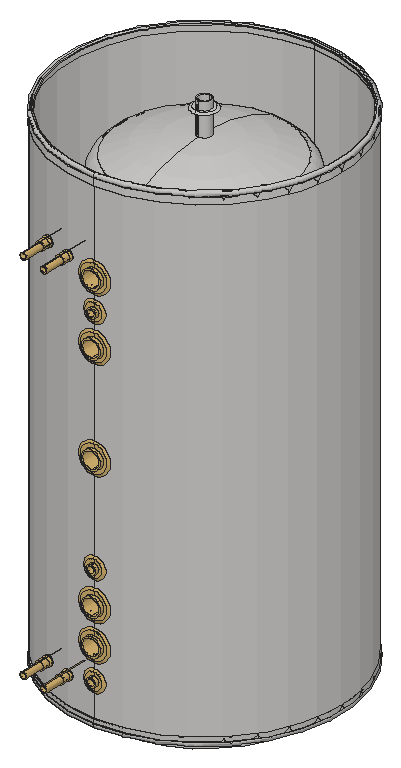
Revit family "HVAC_Boilers_Enertech_CTC-Accumulator-Tank_1-750-50", category Specialty Equipment, Revit 2018
Family settings
  Round Connector Dimension = Use Diameter
  Part Type = Normal
  OmniClass Number = 23.75.00.00
  OmniClass Title = Climate Control (HVAC)
  Work Plane-Based = No
  Always vertical = No
  Cut with Voids When Loaded = No
  Shared = No
  Room Calculation Point = No
Parameters (values of type "CTC Ackumulatortank 1 750/50")
  Weight = "195 kg"
  WaterVolumeWaterSuply = "11 l"
  WaterVolumeHeathingSystem = "676 l"
  WarrantyStartDate [instance] = "n/a"
  WarrantyGuarantorParts = "n/a"
  WarrantyGuarantorLabor = "n/a"
  WarrantyDurationUnit = "Year"
  WarrantyDurationParts = "n/a"
  WarrantyDurationLabor = "n/a"
  WarrantyDescription = "n/a"
  VersionDate = "24/08/2021"  # constant formula
  Version = "1"  # constant formula
  UsageCurrent = 0 A
  Uniclass2015Reference = "Pr_40_70_65"
  Uniclass2015Description = "Preparation catering equipment"
  Uniclass2 = "Pr_40_70_65"
  URL = "https://ctc-heating.com/products/accumulator-tanks"
  UNSPSCCode = "24111810"
  Type Comments = ""
  Touchscreen = "no"
  TagNumber [instance] = "n/a"
  SustainabilityPerformance = "n/a"
  Status = "n/a"
  Standby heat loss, Storage tank = "127 W"
  SpecifiedOutput = "N/A"
  SoundPowerLWA = "N/A"
  Sound pressureLPA 5m = "N/A"
  Sound pressureLPA 1m = "N/A"
  Sound pressureLPA 10m = "N/A"
  Size = "Ø950x1820 mm"
  Shape = "Round"
  SerialNumber [instance] = "7241 xxxx xxxx"
  SEERWarm = "N/A"
  SEERModerate = "N/A"
  SEERCold = "N/A"
  SCOPWarm = "N/A"
  SCOPModerate = "N/A"
  SCOPCold = "N/A"
  Revision = "n/a"  # constant formula
  ReplacementCost = "n/a"
  RefrigerantType = "N/A"
  RefrigerantQuantity = "N/A"
  ReferenceAirFlowRate = "N/A"
  Reference = "n/a"
  RatedVoltage = 0 V
  RatedHeatOutputModerate = "N/A"
  RatedCurrent = 0 A
  PumpMainMaterial = Stainless Steel
  ProductInformation = "CTC Hot water storage tanks is a series of  coil/storage tanks suitable for DHW-preparation and hot water storage, availiable in two models and five sizes. CTC Hot Water Storage Tank 1:  coil tanks for efficient DHW heating. CTC Hot Water Storage Tank 2: volume tanks for hot water storage."
  Product data url = ""
  PowerFactor = 0 W
  PhaseReference = "n/a"
  PhaseAngle = 0.00°
  OutputRangeIimmersionHeater = "N/A"
  OutputRange = "N/A"
  NumberOfPoles = 1
  NominalWidth = 950 mm
  NominalVoltage = 0 V
  NominalHeight = 1820 mm
  NominalFrequencyRange = 0 Hz
  NominalDepth = 950 mm
  NominalCurrent = 0 A
  Name = "CTC-Accumulator-Tank_1-750-50"  # constant formula
  NBSReference = "90-40-40/320"
  NBSDescription = "Air to water heat pumps"
  ModelReference = "n/a"
  ModelNumber = "589901001"
  MinimumCeilingHeight = "2040 mm"
  MaxStartingCurrent = "N/A"
  MaxOperatingTemperature = "100 °C"
  MaxOperatingPressureThermalStore = "6 bar"
  MaxOperatingPressureHotWater = "10 bar"
  MaxAirFlowRate = "N/A"
  Material = "Steel/copper"
  ManufacturerURL = "https://ctc.se/"
  ManufacturerName = "Enertech AB"
  Model = "CTC Ackumulatortank 1 750/50"
  ManufacturerCountry = "Sweden"
  Manufacturer = "Enertech AB"
  InsulationStandardClass = "n/a"
  InstallationDate [instance] = "n/a"
  InPutPower = "N/A"
  IfcExportType = "HEATER"  # constant formula
  IfcExportAs = "IfcElectricalDeviceCommon"  # constant formula
  IP_Code = "N/A"
  HotTapWaterPerformance = "480 l (at 20 l/min)"
  HasProtectiveEarth = yes
  GroupFuse = "N/A"
  Grade = "n/a"
  Finish = "n/a"
  Features = "n/a"
  ExpectedLife = "n/a"
  EnergyClass_HotWater = "N/A"
  EnergyClassHeatingWithoutControl = "N/A"
  EnergyClassHeatingWithControl = "N/A"
  ElectricalDeviceNominalPower = 0 W
  EANNumber = "7333077097608"
  DurationUnit = "Year"
  Description = "CTC Hot water storage tanks is a series of  coil/storage tanks suitable for DHW-preparation and hot water storage, availiable in two models and five sizes. CTC Hot Water Storage Tank 1:  coil tanks for efficient DHW heating. CTC Hot Water Storage Tank 2: volume tanks for hot water storage."
  Cost = 0
  Constituents = "n/a"
  ConductorFunction = "n/a"
  Color = "Grey"
  CodePerformance = "n/a"
  Capacity = "N/A"
  COP = "N/A"
  CO2Equivalent = "N/A"
  BrineSystem_Min_MaxPressure = "N/A"
  Barcode [instance] = "n/a"
  AssetIdentifier [instance] = "n/a"
  Category = "Storage tank, hot water"
  Brand = "CTC"
  BIMObjectName = "HVAC_Boilers_Enertech_CTC-Accumulator-Tank_1-750-50"  # constant formula
  Author = "BIMStone"  # constant formula
  AssetType = "Fixed"
  Artikel nr. = ""
  AirFlow = "N/A"
  Accessories = ""
  AccessibilityPerformance = "n/a"
Reference planes
  plane 1 "Center (Front/Back)": y = 0
  plane 2: z = 0
  plane 3 "Center (Left/Right)": x = 0
  plane 4: z = 1820
  plane 5: y = 475
  plane 6: y = -475
  plane 7: x = -475
  plane 8: x = 475
Dimensions and locks
  "NominalHeight": plane 4 to level
  equal spacing: plane 5, plane 1 "Center (Front/Back)", plane 6
  "NominalDepth": plane 5 to plane 6
  equal spacing: plane 7, plane 3 "Center (Left/Right)", plane 8
  "NominalWidth": plane 7 to plane 8
  aligned and locked: level to plane 2
Nested families
  nested 1: "Accumulator-Tank_1-750-50" at (0, 0, 0), Body <- "PumpMainMaterial", type "Accumulator-Tank_1-750-50"
    with Pipes Brass, Body Stainless Steel
Definition of nested family "Accumulator-Tank_1-750-50"
  Parameters (values of type "Accumulator-Tank_1-750-50")
    Pipes [instance] = none
    Body [instance] = none
  Reference planes
    plane 1 "Center (Front/Back)": y = 0
    plane 2: z = 0
    plane 3 "Center (Left/Right)": x = 0
    plane 4: y = 478.349
    plane 5: y = -478.349
    plane 6: x = -478.349
    plane 7: x = 478.349
  Forms (mm)
    Revolve 1, solid, material <- "Body", detail levels medium+fine
      sketch origin (0, 0, 0) x (0, 1, 0) y (0, 0, 1)
        loop
          line (478.349, 1750.261) -> (476.502, 1773.869)
          arc (476.502, 1773.869) -> (476.592, 1774.638) -> (476.968, 1775.314) r 1.996
          arc (476.968, 1775.314) -> (477.358, 1784.96) -> (468.103, 1787.707) r 7.859
          arc (468.103, 1787.707) -> (465.997, 1786.218) -> (464.827, 1783.918) r 5.371
          line (464.827, 1783.918) -> (470.045, 1783.918) -> (470.045, 1782.918) -> (464.045, 1782.918) -> (463.956, 1781.918) -> (471.456, 1781.918) -> (471.456, 1757.918) -> (472.75, 1757.918) -> (474, 1773.896) -> (475, 1773.896) -> (476.849, 1750.261) -> (478.349, 1750.261)
        loop
          line (471.456, 75.873) -> (463.956, 75.873) -> (464.045, 74.873) -> (470.045, 74.873) -> (470.045, 73.873) -> (464.827, 73.873)
          arc (464.827, 73.873) -> (465.997, 71.574) -> (468.103, 70.084) r 5.371
          arc (468.103, 70.084) -> (477.358, 72.832) -> (476.968, 82.478) r 7.859
          arc (476.968, 82.478) -> (476.592, 83.154) -> (476.502, 83.922) r 1.996
          line (476.502, 83.922) -> (477.75, 99.873) -> (476.25, 99.873) -> (475, 83.896) -> (474, 83.896) -> (472.75, 99.873) -> (471.456, 99.873) -> (471.456, 75.873)
        axis (0, 1787.707) -> (0, 70.084)
      angle from 0 to 360
    Revolve 2, solid, material <- "Body", detail levels medium+fine
      sketch origin (0, 0, 0) x (0, 1, 0) y (0, 0, 1)
        loop
          line (474.3, 83.896) -> (475.1, 83.896) -> (475.1, 1773.896) -> (474.3, 1773.896) -> (474.3, 83.896)
        axis (0, 83.896) -> (0, 1773.896)
      angle from 0 to 360
    Revolve 3, solid, material <- "Body", detail levels medium+fine
      sketch origin (0, 0, 0) x (0, 1, 0) y (0, 0, 1)
        loop
          line (-325, 1576.143) -> (-325, 154.143)
          arc (-325, 154.143) -> (-314.893, 118.46) -> (-287.575, 93.379) r 68.041
          arc (-287.575, 93.379) -> (-147.788, 42.844) -> (0, 26.937) r 621.684
          line (0, 26.937) -> (0, 29.937)
          arc (0, 29.937) -> (-147.094, 45.763) -> (-286.225, 96.058) r 618.684
          arc (-286.225, 96.058) -> (-312.339, 120.034) -> (-322, 154.143) r 65.041
          line (-322, 154.143) -> (-322, 1576.143)
          arc (-322, 1576.143) -> (-312.339, 1610.252) -> (-286.225, 1634.228) r 65.041
          arc (-286.225, 1634.228) -> (-156.576, 1682.253) -> (-19.5, 1700.288) r 618.684
          line (-19.5, 1700.288) -> (-19.5, 1813.618) -> (-23.5, 1813.618) -> (-23.5, 1787.618) -> (-35, 1787.618) -> (-43, 1783.618) -> (-23.5, 1783.618) -> (-23.5, 1703.201)
          arc (-23.5, 1703.201) -> (-159.211, 1684.688) -> (-287.575, 1636.907) r 621.684
          arc (-287.575, 1636.907) -> (-314.893, 1611.825) -> (-325, 1576.143) r 68.041
        axis (0, 26.937) -> (0, 1813.618)
      angle from 0 to 360
    Revolve 4, solid, material <- "Body", detail levels medium+fine
      sketch origin (0, 0, 0) x (0, 1, 0) y (0, 0, 1)
        loop
          line (362, 105) -> (359, 105) -> (359, 0) -> (362, 0) -> (362, 105)
        axis (0, 0) -> (0, 105)
      angle from 0 to 360
    Revolve 5, solid, material <- "Pipes", detail levels medium+fine
      sketch origin (-190.526, -30, 0) x (0, 1, 0) y (0, 0, 1)
        loop
          line (-515, 1506.143) -> (-515, 1504.643) -> (-203.645, 1504.643) -> (-203.645, 1506.143) -> (-515, 1506.143)
        axis (-203.645, 1495.143) -> (-515, 1495.143)
      angle from 0 to 360
    Revolve 6, solid, material <- "Pipes", detail levels medium+fine
      sketch origin (-190.526, -30, 0) x (0, 1, 0) y (0, 0, 1)
        loop
          line (-445, 1495.143) -> (-388.256, 1495.143) -> (-388.256, 1511.892) -> (-413.256, 1511.892) -> (-423, 1509.643) -> (-445, 1509.643) -> (-445, 1495.143)
        axis (-388.256, 1495.143) -> (-445, 1495.143)
      angle from 0 to 360
    Revolve 7, solid, material <- "Pipes", detail levels medium+fine
      sketch origin (-100.15, -55, 0) x (0, 1, 0) y (0, 0, 1)
        loop
          line (-445, 1495.143) -> (-388.256, 1495.143) -> (-388.256, 1511.892) -> (-413.256, 1511.892) -> (-423, 1509.643) -> (-445, 1509.643) -> (-445, 1495.143)
        axis (-388.256, 1495.143) -> (-445, 1495.143)
      angle from 0 to 360
    Revolve 8, solid, material <- "Pipes", detail levels medium+fine
      sketch origin (-190.526, -30, -1300) x (0, 1, 0) y (0, 0, 1)
        loop
          line (-515, 1506.143) -> (-515, 1504.643) -> (-203.645, 1504.643) -> (-203.645, 1506.143) -> (-515, 1506.143)
        axis (-203.645, 1495.143) -> (-515, 1495.143)
      angle from 0 to 360
    Revolve 9, solid, material <- "Pipes", detail levels medium+fine
      sketch origin (-190.526, -30, -1300) x (0, 1, 0) y (0, 0, 1)
        loop
          line (-445, 1495.143) -> (-388.256, 1495.143) -> (-388.256, 1511.892) -> (-413.256, 1511.892) -> (-423, 1509.643) -> (-445, 1509.643) -> (-445, 1495.143)
        axis (-388.256, 1495.143) -> (-445, 1495.143)
      angle from 0 to 360
    Revolve 10, solid, material <- "Pipes", detail levels medium+fine
      sketch origin (-100.15, -55, -1300) x (0, 1, 0) y (0, 0, 1)
        loop
          line (-445, 1495.143) -> (-388.256, 1495.143) -> (-388.256, 1511.892) -> (-413.256, 1511.892) -> (-423, 1509.643) -> (-445, 1509.643) -> (-445, 1495.143)
        axis (-388.256, 1495.143) -> (-445, 1495.143)
      angle from 0 to 360
    Extrusion 11, void
      sketch origin (0, 0, 0) x (1, 0, 0) y (0, 0, 1)
        loop
          circle (0, 1465.146) r 29
        loop
          circle (0, 1360.146) r 13
        loop
          circle (0, 1250.143) r 29
        loop
          circle (0, 905.146) r 29
        loop
          circle (0, 450.146) r 29
        loop
          circle (0, 325.146) r 29
        loop
          circle (0, 565.146) r 13
        loop
          circle (0, 215.146) r 13
      from 299.391 to 515
    Revolve 12, solid, material <- "Pipes", detail levels medium+fine
      sketch origin (0, -55, 0) x (0, 1, 0) y (0, 0, 1)
        loop
          line (-265, 357.643) -> (-420, 357.643) -> (-420, 379.146) -> (-424, 371.146) -> (-424, 357.643) -> (-435, 357.643) -> (-435, 353.143) -> (-265, 353.143) -> (-265, 357.643)
        axis (-265, 325.143) -> (-435, 325.143)
      angle from 0 to 360
    Revolve 13, solid, material <- "Pipes", detail levels medium+fine
      sketch origin (0, -55, 125) x (0, 1, 0) y (0, 0, 1)
        loop
          line (-265, 357.643) -> (-420, 357.643) -> (-420, 379.146) -> (-424, 371.146) -> (-424, 357.643) -> (-435, 357.643) -> (-435, 353.143) -> (-265, 353.143) -> (-265, 357.643)
        axis (-265, 325.143) -> (-435, 325.143)
      angle from 0 to 360
    Revolve 14, solid, material <- "Pipes", detail levels medium+fine
      sketch origin (0, -55, 580) x (0, 1, 0) y (0, 0, 1)
        loop
          line (-265, 357.643) -> (-420, 357.643) -> (-420, 379.146) -> (-424, 371.146) -> (-424, 357.643) -> (-435, 357.643) -> (-435, 353.143) -> (-265, 353.143) -> (-265, 357.643)
        axis (-265, 325.143) -> (-435, 325.143)
      angle from 0 to 360
    Revolve 15, solid, material <- "Pipes", detail levels medium+fine
      sketch origin (0, -55, 925) x (0, 1, 0) y (0, 0, 1)
        loop
          line (-265, 357.643) -> (-420, 357.643) -> (-420, 379.146) -> (-424, 371.146) -> (-424, 357.643) -> (-435, 357.643) -> (-435, 353.143) -> (-265, 353.143) -> (-265, 357.643)
        axis (-265, 325.143) -> (-435, 325.143)
      angle from 0 to 360
    Revolve 16, solid, material <- "Pipes", detail levels medium+fine
      sketch origin (0, -55, 1035) x (0, 1, 0) y (0, 0, 1)
        loop
          line (-265, 341.142) -> (-420, 341.142) -> (-420, 362.645) -> (-424, 354.645) -> (-424, 341.142) -> (-435, 341.142) -> (-435, 336.642) -> (-265, 336.642) -> (-265, 341.142)
        axis (-265, 325.143) -> (-435, 325.143)
      angle from 0 to 360
    Revolve 17, solid, material <- "Pipes", detail levels medium+fine
      sketch origin (0, -55, 240) x (0, 1, 0) y (0, 0, 1)
        loop
          line (-265, 341.142) -> (-420, 341.142) -> (-420, 362.645) -> (-424, 354.645) -> (-424, 341.142) -> (-435, 341.142) -> (-435, 336.642) -> (-265, 336.642) -> (-265, 341.142)
        axis (-265, 325.143) -> (-435, 325.143)
      angle from 0 to 360
    Revolve 18, solid, material <- "Pipes", detail levels medium+fine
      sketch origin (0, -55, -110) x (0, 1, 0) y (0, 0, 1)
        loop
          line (-265, 341.142) -> (-420, 341.142) -> (-420, 362.645) -> (-424, 354.645) -> (-424, 341.142) -> (-435, 341.142) -> (-435, 336.642) -> (-265, 336.642) -> (-265, 341.142)
        axis (-265, 325.143) -> (-435, 325.143)
      angle from 0 to 360
    Revolve 19, solid, material <- "Pipes", detail levels medium+fine
      sketch origin (0, -55, 1140) x (0, 1, 0) y (0, 0, 1)
        loop
          line (-265, 357.643) -> (-420, 357.643) -> (-420, 379.146) -> (-424, 371.146) -> (-424, 357.643) -> (-435, 357.643) -> (-435, 353.143) -> (-265, 353.143) -> (-265, 357.643)
        axis (-265, 325.143) -> (-435, 325.143)
      angle from 0 to 360
    Revolve 20, solid, material <- "Pipes", detail levels medium+fine
      sketch origin (-100.15, -55, 0) x (0, 1, 0) y (0, 0, 1)
        loop
          line (-515, 1506.143) -> (-515, 1504.643) -> (-203.645, 1504.643) -> (-203.645, 1506.143) -> (-515, 1506.143)
        axis (-203.645, 1495.143) -> (-515, 1495.143)
      angle from 0 to 360
    Revolve 21, solid, material <- "Pipes", detail levels medium+fine
      sketch origin (-100.15, -55, -1300) x (0, 1, 0) y (0, 0, 1)
        loop
          line (-515, 1506.143) -> (-515, 1504.643) -> (-203.645, 1504.643) -> (-203.645, 1506.143) -> (-515, 1506.143)
        axis (-203.645, 1495.143) -> (-515, 1495.143)
      angle from 0 to 360
    Extrusion 22, solid, material <- "Body", detail levels coarse
      sketch origin (0, 0, 0) x (1, 0, 0) y (0, 1, 0)
        loop
          line (-478.349, 478.349) -> (-478.349, -478.349) -> (478.349, -478.349) -> (478.349, 478.349) -> (-478.349, 478.349)
      from 0 to 1788.2
  Cuts and joins
    Extrusion 11 cuts Revolve 2
    Extrusion 11 cuts Revolve 3
  Lines and regions (mm)
    symbolic lines, detail levels medium+fine
      curve 1: arc (0, 470.966, 69.545) -> (0, 478.095, 74.095) -> (0, 476.968, 82.478) r 7.859
      curve 2: line (0, 476.502, 83.922) -> (0, 477.75, 99.873)
      curve 3: line (0, 477.75, 99.873) -> (0, 475.1, 99.873)
      curve 4: line (0, 475.1, 99.873) -> (0, 475.1, 1750.261)
      curve 5: arc (0, 476.968, 1775.314) -> (0, 478.095, 1783.696) -> (0, 470.966, 1788.247) r 7.859
      curve 6: line (0, 475.1, 1750.261) -> (0, 478.349, 1750.261)
      curve 7: line (0, 478.349, 1750.261) -> (0, 476.502, 1773.869)
      curve 8: arc (0, 476.502, 1773.869) -> (0, 476.592, 1774.638) -> (0, 476.968, 1775.314) r 1.996
      curve 11: line (0, 23.5, 1813.618) -> (0, 23.5, 1788.247)
      curve 12: line (0, 23.5, 1813.618) -> (0, -23.5, 1813.618)
      curve 13: line (0, 470.966, 69.545) -> (0, 362, 69.545)
      curve 14: line (0, 362, 0) -> (0, 362, 69.545)
      curve 15: line (0, 362, 0) -> (0, -362, 0)
      curve 19: arc (0, 476.968, 82.478) -> (0, 476.592, 83.154) -> (0, 476.502, 83.922) r 1.996
      curve 21: arc (0, -470.966, 69.545) -> (0, -478.095, 74.095) -> (0, -476.968, 82.478) r 7.859
      curve 22: line (0, -476.502, 83.922) -> (0, -477.75, 99.873)
      curve 23: line (0, -477.75, 99.873) -> (0, -475.1, 99.873)
      curve 24: line (0, -475.1, 99.873) -> (0, -475.1, 179.973)
      curve 25: arc (0, -476.968, 1775.314) -> (0, -478.095, 1783.696) -> (0, -470.966, 1788.247) r 7.859
      curve 26: line (0, -475.1, 1750.261) -> (0, -478.349, 1750.261)
      curve 27: line (0, -478.349, 1750.261) -> (0, -476.502, 1773.869)
      curve 28: arc (0, -476.502, 1773.869) -> (0, -476.592, 1774.638) -> (0, -476.968, 1775.314) r 1.996
      curve 29: line (0, -23.5, 1788.247) -> (0, -470.966, 1788.247)
      curve 31: line (0, -23.5, 1813.618) -> (0, -23.5, 1788.247)
      curve 32: line (0, -470.966, 69.545) -> (0, -362, 69.545)
      curve 33: line (0, -362, 0) -> (0, -362, 69.545)
      curve 37: arc (0, -476.968, 82.478) -> (0, -476.592, 83.154) -> (0, -476.502, 83.922) r 1.996
      curve 39: line (0, 23.5, 1788.247) -> (0, 470.966, 1788.247)
      curve 40: line (0, -570, 1506.143) -> (0, -500, 1506.143)
      curve 41: line (0, -500, 1506.143) -> (0, -500, 1509.643)
      curve 42: line (0, -500, 1509.643) -> (0, -478, 1509.643)
      curve 43: line (0, -478, 1509.643) -> (0, -475.1, 1510.312)
      curve 48: line (0, -478, 1480.643) -> (0, -500, 1480.643)
      curve 49: line (0, -500, 1480.643) -> (0, -500, 1484.143)
      curve 50: line (0, -570, 1484.143) -> (0, -500, 1484.143)
      curve 53: line (0, -475.1, 1510.312) -> (0, -475.1, 1750.261)
      curve 58: line (0, -570, 1506.143) -> (0, -570, 1484.143)
      curve 60: line (0, -475.1, 1479.973) -> (0, -478, 1480.643)
      curve 63: line (0, -479, 1389.645) -> (0, -479, 1376.142)
      curve 64: line (0, -490, 1376.142) -> (0, -490, 1344.143)
      curve 65: line (0, -490, 1376.142) -> (0, -479, 1376.142)
      curve 66: line (0, -479, 1389.645) -> (0, -475.1, 1397.445)
      curve 67: line (0, -479, 1330.64) -> (0, -475.1, 1322.84)
      curve 68: line (0, -490, 1344.143) -> (0, -479, 1344.143)
      curve 69: line (0, -475.1, 1322.84) -> (0, -475.1, 1397.445)
      curve 70: line (0, -475.1, 1397.445) -> (0, -475.1, 1479.973)
      curve 71: line (0, -479, 1296.146) -> (0, -479, 1282.643)
      curve 72: line (0, -490, 1282.643) -> (0, -490, 1217.643)
      curve 73: line (0, -479, 1296.146) -> (0, -475.1, 1303.946)
      curve 74: line (0, -479, 1204.14) -> (0, -475.1, 1196.34)
      curve 75: line (0, -490, 1217.643) -> (0, -479, 1217.643)
      curve 76: line (0, -490, 1282.643) -> (0, -479, 1282.643)
      curve 78: line (0, -479, 1217.643) -> (0, -479, 1204.14)
      curve 79: line (0, -475.1, 1196.34) -> (0, -475.1, 1303.946)
      curve 80: line (0, -475.1, 1303.946) -> (0, -475.1, 1322.84)
      curve 82: line (0, -479, 1344.143) -> (0, -479, 1330.64)
      curve 83: line (0, -479, 951.146) -> (0, -479, 937.643)
      curve 84: line (0, -490, 937.643) -> (0, -490, 872.643)
      curve 85: line (0, -479, 951.146) -> (0, -475.1, 958.946)
      curve 86: line (0, -479, 859.14) -> (0, -475.1, 851.34)
      curve 87: line (0, -490, 872.643) -> (0, -479, 872.643)
      curve 88: line (0, -490, 937.643) -> (0, -479, 937.643)
      curve 90: line (0, -479, 872.643) -> (0, -479, 859.14)
      curve 91: line (0, -475.1, 851.34) -> (0, -475.1, 958.946)
      curve 92: line (0, -479, 496.146) -> (0, -479, 482.643)
      curve 93: line (0, -490, 482.643) -> (0, -490, 417.643)
      curve 94: line (0, -479, 496.146) -> (0, -475.1, 503.946)
      curve 95: line (0, -479, 404.14) -> (0, -475.1, 396.34)
      curve 96: line (0, -490, 417.643) -> (0, -479, 417.643)
      curve 97: line (0, -490, 482.643) -> (0, -479, 482.643)
      curve 99: line (0, -479, 417.643) -> (0, -479, 404.14)
      curve 101: line (0, -479, 371.146) -> (0, -479, 357.643)
      curve 102: line (0, -490, 357.643) -> (0, -490, 292.643)
      curve 103: line (0, -479, 371.146) -> (0, -475.1, 378.946)
      curve 104: line (0, -479, 279.14) -> (0, -475.1, 271.34)
      curve 105: line (0, -490, 292.643) -> (0, -479, 292.643)
      curve 106: line (0, -490, 357.643) -> (0, -479, 357.643)
      curve 108: line (0, -479, 292.643) -> (0, -479, 279.14)
      curve 110: line (0, -479, 594.645) -> (0, -479, 581.142)
      curve 111: line (0, -490, 581.142) -> (0, -490, 549.143)
      curve 112: line (0, -490, 581.142) -> (0, -479, 581.142)
      curve 113: line (0, -479, 594.645) -> (0, -475.1, 602.445)
      curve 114: line (0, -479, 535.64) -> (0, -475.1, 527.84)
      curve 115: line (0, -490, 549.143) -> (0, -479, 549.143)
      curve 118: line (0, -479, 549.143) -> (0, -479, 535.64)
      curve 119: line (0, -570, 206.143) -> (0, -500, 206.143)
      curve 120: line (0, -500, 206.143) -> (0, -500, 209.643)
      curve 121: line (0, -500, 209.643) -> (0, -478, 209.643)
      curve 122: line (0, -478, 209.643) -> (0, -475.1, 210.312)
      curve 127: line (0, -478, 180.643) -> (0, -500, 180.643)
      curve 128: line (0, -500, 180.643) -> (0, -500, 184.143)
      curve 129: line (0, -570, 184.143) -> (0, -500, 184.143)
      curve 136: line (0, -570, 206.143) -> (0, -570, 184.143)
      curve 138: line (0, -475.1, 179.973) -> (0, -478, 180.643)
      curve 141: line (0, -475.1, 210.312) -> (0, -475.1, 271.34)
      curve 142: line (0, -475.1, 378.946) -> (0, -475.1, 396.34)
      curve 143: line (0, -475.1, 503.946) -> (0, -475.1, 527.84)
      curve 144: line (0, -475.1, 602.445) -> (0, -475.1, 851.34)
      curve 145: line (0, -475.1, 958.946) -> (0, -475.1, 1196.34)
      curve 146: arc (-470.966, 0, 1788.247) -> (-478.095, 0, 1783.696) -> (-476.968, 0, 1775.314) r 7.859
      curve 147: arc (-476.968, 0, 1775.314) -> (-476.592, 0, 1774.638) -> (-476.502, 0, 1773.869) r 1.996
      curve 148: line (-476.502, 0, 1773.869) -> (-478.349, 0, 1750.261)
      curve 149: line (-478.349, 0, 1750.261) -> (-475.1, 0, 1750.261)
      curve 150: line (-470.966, 0, 1788.247) -> (-23.5, 0, 1788.247)
      curve 151: line (-475.1, 0, 1750.261) -> (-475.1, 0, 99.873)
      curve 152: arc (-476.968, 0, 82.478) -> (-478.095, 0, 74.095) -> (-470.966, 0, 69.545) r 7.859
      curve 153: line (-475.1, 0, 99.873) -> (-477.75, 0, 99.873)
      curve 154: line (-477.75, 0, 99.873) -> (-476.502, 0, 83.922)
      curve 155: arc (-476.502, 0, 83.922) -> (-476.592, 0, 83.154) -> (-476.968, 0, 82.478) r 1.996
      curve 156: line (-470.966, 0, 69.545) -> (-362, 0, 69.545)
      curve 157: line (-362, 0, 0) -> (-362, 0, 69.545)
      curve 158: arc (470.966, 0, 1788.247) -> (478.095, 0, 1783.696) -> (476.968, 0, 1775.314) r 7.859
      curve 159: arc (476.968, 0, 1775.314) -> (476.592, 0, 1774.638) -> (476.502, 0, 1773.869) r 1.996
      curve 160: line (476.502, 0, 1773.869) -> (478.349, 0, 1750.261)
      curve 161: line (478.349, 0, 1750.261) -> (475.1, 0, 1750.261)
      curve 162: line (475.1, 0, 1750.261) -> (475.1, 0, 99.873)
      curve 163: arc (476.968, 0, 82.478) -> (478.095, 0, 74.095) -> (470.966, 0, 69.545) r 7.859
      curve 164: line (475.1, 0, 99.873) -> (477.75, 0, 99.873)
      curve 165: line (477.75, 0, 99.873) -> (476.502, 0, 83.922)
      curve 166: arc (476.502, 0, 83.922) -> (476.592, 0, 83.154) -> (476.968, 0, 82.478) r 1.996
      curve 167: line (-23.5, 0, 1813.618) -> (-23.5, 0, 1788.247)
      curve 168: line (-23.5, 0, 1813.618) -> (23.5, 0, 1813.618)
      curve 169: line (23.5, 0, 1813.618) -> (23.5, 0, 1788.247)
      curve 170: line (470.966, 0, 1788.247) -> (23.5, 0, 1788.247)
      curve 176: line (470.966, 0, 69.545) -> (362, 0, 69.545)
      curve 177: line (362, 0, 0) -> (362, 0, 69.545)
      curve 178: line (-362, 0, 0) -> (362, 0, 0)
      curve 274: line (-205.026, -475, 0) -> (-205.026, -453, 0)
      curve 275: line (-205.026, -453, 0) -> (-207.276, -443.256, 0)
      curve 276: line (-201.526, -475, 0) -> (-205.026, -475, 0)
      curve 278: line (-201.526, -545, 0) -> (-201.526, -475, 0)
      curve 279: line (-176.026, -475, 0) -> (-176.026, -453, 0)
      curve 280: line (-176.026, -453, 0) -> (-174.287, -445.468, 0)
      curve 281: line (-179.526, -475, 0) -> (-176.026, -475, 0)
      curve 283: line (-179.526, -545, 0) -> (-179.526, -475, 0)
      curve 284: line (-201.526, -545, 0) -> (-179.526, -545, 0)
      curve 286: line (-114.65, -500, 0) -> (-114.65, -478, 0)
      curve 287: line (-114.65, -478, 0) -> (-116.9, -468.256, 0)
      curve 288: line (-116.9, -468.256, 0) -> (-116.9, -463.845, 0)
      curve 289: line (-111.15, -500, 0) -> (-114.65, -500, 0)
      curve 291: line (-111.15, -570, 0) -> (-111.15, -500, 0)
      curve 292: line (-85.65, -500, 0) -> (-85.65, -478, 0)
      curve 293: line (-89.15, -500, 0) -> (-85.65, -500, 0)
      curve 295: line (-89.15, -570, 0) -> (-89.15, -500, 0)
      curve 296: line (-111.15, -570, 0) -> (-89.15, -570, 0)
      curve 298: line (-32.5, -490, 0) -> (32.5, -490, 0)
      curve 299: line (-32.5, -490, 0) -> (-32.5, -479, 0)
      curve 300: line (-32.5, -479, 0) -> (-46.003, -479, 0)
      curve 301: line (-46.003, -479, 0) -> (-53.251, -475.376, 0)
      curve 302: line (32.5, -490, 0) -> (32.5, -479, 0)
      curve 303: line (32.5, -479, 0) -> (46.003, -479, 0)
      curve 304: line (46.003, -479, 0) -> (53.251, -475.376, 0)
      curve 306: arc (53.251, -475.376, 0) -> (80.13, 471.59, 0) -> (-207.276, -431.109, 0) r 478.349
      curve 308: line (-85.65, -478, 0) -> (-84.014, -470.913, 0)
      curve 309: line (-207.276, -443.256, 0) -> (-207.276, -431.109, 0)
      curve 311: arc (-174.287, -445.468, 0) -> (-145.883, -455.561, 0) -> (-116.9, -463.845, 0) r 478.349
      curve 313: arc (-84.014, -470.913, 0) -> (-68.669, -473.395, 0) -> (-53.251, -475.376, 0) r 478.349
    symbolic lines, detail levels fine
      curve 9: line (0, -23.5, 1788.247) -> (0, 23.5, 1788.247)
      curve 10: line (0, 475.1, 1750.261) -> (0, 0, 1750.261)
      curve 16: line (0, 362, 69.545) -> (0, 0, 69.545)
      curve 17: line (0, 475.1, 99.873) -> (0, 0, 99.873)
      curve 18: line (0, 476.502, 1773.869) -> (0, 0, 1773.869)
      curve 20: line (0, 476.502, 83.922) -> (0, 0, 83.922)
      curve 30: line (0, -475.1, 1750.261) -> (0, 0, 1750.261)
      curve 34: line (0, -362, 69.545) -> (0, 0, 69.545)
      curve 35: line (0, -475.1, 99.873) -> (0, 0, 99.873)
      curve 36: line (0, -476.502, 1773.869) -> (0, 0, 1773.869)
      curve 38: line (0, -476.502, 83.922) -> (0, 0, 83.922)
      curve 44: line (0, -468.256, 1511.892) -> (0, -418.256, 1511.892)
      curve 45: line (0, -418.256, 1511.892) -> (0, -418.256, 1478.393)
      curve 46: line (0, -418.256, 1478.393) -> (0, -468.256, 1478.393)
      curve 47: line (0, -468.256, 1478.393) -> (0, -475.1, 1479.973)
      curve 51: line (0, -453, 1509.643) -> (0, -475, 1509.643)
      curve 52: line (0, -453, 1480.643) -> (0, -475, 1480.643)
      curve 54: line (0, -475, 1509.643) -> (0, -475, 1480.643)
      curve 55: line (0, -453, 1509.643) -> (0, -453, 1480.643)
      curve 56: line (0, -453, 1480.643) -> (0, -443.256, 1478.393)
      curve 57: line (0, -453, 1509.643) -> (0, -443.256, 1511.892)
      curve 59: line (0, -475.1, 1510.312) -> (0, -468.256, 1511.892)
      curve 61: line (0, -500, 1484.143) -> (0, -475, 1484.143)
      curve 62: line (0, -500, 1506.143) -> (0, -475, 1506.143)
      curve 77: line (0, -479, 1282.643) -> (0, -479, 1217.643)
      curve 81: line (0, -479, 1376.142) -> (0, -479, 1344.143)
      curve 89: line (0, -479, 937.643) -> (0, -479, 872.643)
      curve 98: line (0, -479, 482.643) -> (0, -479, 417.643)
      curve 100: line (0, -475.1, 396.34) -> (0, -475.1, 503.946)
      curve 107: line (0, -479, 357.643) -> (0, -479, 292.643)
      curve 109: line (0, -475.1, 271.34) -> (0, -475.1, 378.946)
      curve 116: line (0, -475.1, 527.84) -> (0, -475.1, 602.445)
      curve 117: line (0, -479, 581.142) -> (0, -479, 549.143)
      curve 123: line (0, -468.256, 211.892) -> (0, -418.256, 211.892)
      curve 124: line (0, -418.256, 211.892) -> (0, -418.256, 178.393)
      curve 125: line (0, -418.256, 178.393) -> (0, -468.256, 178.393)
      curve 126: line (0, -468.256, 178.393) -> (0, -475.1, 179.973)
      curve 130: line (0, -453, 209.643) -> (0, -475, 209.643)
      curve 131: line (0, -453, 180.643) -> (0, -475, 180.643)
      curve 132: line (0, -475, 209.643) -> (0, -475, 180.643)
      curve 133: line (0, -453, 209.643) -> (0, -453, 180.643)
      curve 134: line (0, -453, 180.643) -> (0, -443.256, 178.393)
      curve 135: line (0, -453, 209.643) -> (0, -443.256, 211.892)
      curve 137: line (0, -475.1, 210.312) -> (0, -468.256, 211.892)
      curve 139: line (0, -500, 184.143) -> (0, -475, 184.143)
      curve 140: line (0, -500, 206.143) -> (0, -475, 206.143)
      curve 171: line (-23.5, 0, 1788.247) -> (23.5, 0, 1788.247)
      curve 172: line (-475.1, 0, 1750.261) -> (475.1, 0, 1750.261)
      curve 173: line (-476.502, 0, 1773.869) -> (476.502, 0, 1773.869)
      curve 174: line (-476.502, 0, 83.922) -> (476.502, 0, 83.922)
      curve 175: line (475.1, 0, 99.873) -> (-475.1, 0, 99.873)
      curve 179: line (362, 0, 69.545) -> (-362, 0, 69.545)
      curve 180: arc (-190.526, 0, 211.892) -> (-207.276, 0, 195.143) -> (-190.526, 0, 178.393) r 16.75
      curve 181: arc (-190.526, 0, 204.643) -> (-200.026, 0, 195.143) -> (-190.526, 0, 185.643) r 9.5
      curve 182: arc (-190.526, 0, 185.643) -> (-181.026, 0, 195.143) -> (-190.526, 0, 204.643) r 9.5
      curve 183: arc (-190.526, 0, 178.393) -> (-173.777, 0, 195.143) -> (-190.526, 0, 211.892) r 16.75
      curve 184: arc (-100.15, 0, 211.892) -> (-116.9, 0, 195.143) -> (-100.15, 0, 178.393) r 16.75
      curve 185: arc (-100.15, 0, 178.393) -> (-83.401, 0, 195.143) -> (-100.15, 0, 211.892) r 16.75
      curve 186: arc (-100.15, 0, 206.143) -> (-111.15, 0, 195.143) -> (-100.15, 0, 184.143) r 11
      curve 187: arc (-100.15, 0, 204.643) -> (-109.65, 0, 195.143) -> (-100.15, 0, 185.643) r 9.5
      curve 188: arc (-100.15, 0, 184.143) -> (-89.15, 0, 195.143) -> (-100.15, 0, 206.143) r 11
      curve 189: arc (-100.15, 0, 185.643) -> (-90.65, 0, 195.143) -> (-100.15, 0, 204.643) r 9.5
      curve 190: arc (-190.526, 0, 206.143) -> (-201.526, 0, 195.143) -> (-190.526, 0, 184.143) r 11
      curve 191: arc (-190.526, 0, 184.143) -> (-179.526, 0, 195.143) -> (-190.526, 0, 206.143) r 11
      curve 192: arc (0, 0, 177.64) -> (-37.503, 0, 215.143) -> (0, 0, 252.645) r 37.503
      curve 193: arc (0, 0, 252.645) -> (37.503, 0, 215.143) -> (0, 0, 177.64) r 37.503
      curve 194: arc (0, 0, 185.64) -> (-29.503, 0, 215.143) -> (0, 0, 244.645) r 29.503
      curve 195: arc (0, 0, 244.645) -> (29.503, 0, 215.143) -> (0, 0, 185.64) r 29.503
      curve 196: arc (0, 0, 231.142) -> (-16, 0, 215.143) -> (0, 0, 199.143) r 16
      curve 197: arc (0, 0, 226.642) -> (-11.5, 0, 215.143) -> (0, 0, 203.643) r 11.5
      curve 198: arc (0, 0, 199.143) -> (16, 0, 215.143) -> (0, 0, 231.142) r 16
      curve 199: arc (0, 0, 203.643) -> (11.5, 0, 215.143) -> (0, 0, 226.642) r 11.5
      curve 200: arc (0, 0, 271.14) -> (-54.003, 0, 325.143) -> (0, 0, 379.146) r 54.003
      curve 201: arc (0, 0, 279.14) -> (-46.003, 0, 325.143) -> (0, 0, 371.146) r 46.003
      curve 202: arc (0, 0, 357.643) -> (-32.5, 0, 325.143) -> (0, 0, 292.643) r 32.5
      curve 203: arc (0, 0, 353.143) -> (-28, 0, 325.143) -> (0, 0, 297.143) r 28
      curve 204: arc (0, 0, 297.143) -> (28, 0, 325.143) -> (0, 0, 353.143) r 28
      curve 205: arc (0, 0, 292.643) -> (32.5, 0, 325.143) -> (0, 0, 357.643) r 32.5
      curve 206: arc (0, 0, 371.146) -> (46.003, 0, 325.143) -> (0, 0, 279.14) r 46.003
      curve 207: arc (0, 0, 379.146) -> (54.003, 0, 325.143) -> (0, 0, 271.14) r 54.003
      curve 208: arc (0, 0, 396.14) -> (-54.003, 0, 450.143) -> (0, 0, 504.146) r 54.003
      curve 209: arc (0, 0, 404.14) -> (-46.003, 0, 450.143) -> (0, 0, 496.146) r 46.003
      curve 210: arc (0, 0, 482.643) -> (-32.5, 0, 450.143) -> (0, 0, 417.643) r 32.5
      curve 211: arc (0, 0, 478.143) -> (-28, 0, 450.143) -> (0, 0, 422.143) r 28
      curve 212: arc (0, 0, 422.143) -> (28, 0, 450.143) -> (0, 0, 478.143) r 28
      curve 213: arc (0, 0, 417.643) -> (32.5, 0, 450.143) -> (0, 0, 482.643) r 32.5
      curve 214: arc (0, 0, 496.146) -> (46.003, 0, 450.143) -> (0, 0, 404.14) r 46.003
      curve 215: arc (0, 0, 504.146) -> (54.003, 0, 450.143) -> (0, 0, 396.14) r 54.003
      curve 216: arc (0, 0, 851.14) -> (-54.003, 0, 905.143) -> (0, 0, 959.146) r 54.003
      curve 217: arc (0, 0, 859.14) -> (-46.003, 0, 905.143) -> (0, 0, 951.146) r 46.003
      curve 218: arc (0, 0, 937.643) -> (-32.5, 0, 905.143) -> (0, 0, 872.643) r 32.5
      curve 219: arc (0, 0, 933.143) -> (-28, 0, 905.143) -> (0, 0, 877.143) r 28
      curve 220: arc (0, 0, 877.143) -> (28, 0, 905.143) -> (0, 0, 933.143) r 28
      curve 221: arc (0, 0, 872.643) -> (32.5, 0, 905.143) -> (0, 0, 937.643) r 32.5
      curve 222: arc (0, 0, 951.146) -> (46.003, 0, 905.143) -> (0, 0, 859.14) r 46.003
      curve 223: arc (0, 0, 959.146) -> (54.003, 0, 905.143) -> (0, 0, 851.14) r 54.003
      curve 224: arc (0, 0, 1196.14) -> (-54.003, 0, 1250.143) -> (0, 0, 1304.146) r 54.003
      curve 225: arc (0, 0, 1204.14) -> (-46.003, 0, 1250.143) -> (0, 0, 1296.146) r 46.003
      curve 226: arc (0, 0, 1282.643) -> (-32.5, 0, 1250.143) -> (0, 0, 1217.643) r 32.5
      curve 227: arc (0, 0, 1278.143) -> (-28, 0, 1250.143) -> (0, 0, 1222.143) r 28
      curve 228: arc (0, 0, 1222.143) -> (28, 0, 1250.143) -> (0, 0, 1278.143) r 28
      curve 229: arc (0, 0, 1217.643) -> (32.5, 0, 1250.143) -> (0, 0, 1282.643) r 32.5
      curve 230: arc (0, 0, 1296.146) -> (46.003, 0, 1250.143) -> (0, 0, 1204.14) r 46.003
      curve 231: arc (0, 0, 1304.146) -> (54.003, 0, 1250.143) -> (0, 0, 1196.14) r 54.003
      curve 232: arc (0, 0, 1411.14) -> (-54.003, 0, 1465.143) -> (0, 0, 1519.146) r 54.003
      curve 233: arc (0, 0, 1419.14) -> (-46.003, 0, 1465.143) -> (0, 0, 1511.146) r 46.003
      curve 234: arc (0, 0, 1497.643) -> (-32.5, 0, 1465.143) -> (0, 0, 1432.643) r 32.5
      curve 235: arc (0, 0, 1493.143) -> (-28, 0, 1465.143) -> (0, 0, 1437.143) r 28
      curve 236: arc (0, 0, 1437.143) -> (28, 0, 1465.143) -> (0, 0, 1493.143) r 28
      curve 237: arc (0, 0, 1432.643) -> (32.5, 0, 1465.143) -> (0, 0, 1497.643) r 32.5
      curve 238: arc (0, 0, 1511.146) -> (46.003, 0, 1465.143) -> (0, 0, 1419.14) r 46.003
      curve 239: arc (0, 0, 1519.146) -> (54.003, 0, 1465.143) -> (0, 0, 1411.14) r 54.003
      curve 240: arc (0, 0, 527.64) -> (-37.503, 0, 565.143) -> (0, 0, 602.645) r 37.503
      curve 241: arc (0, 0, 602.645) -> (37.503, 0, 565.143) -> (0, 0, 527.64) r 37.503
      curve 242: arc (0, 0, 535.64) -> (-29.503, 0, 565.143) -> (0, 0, 594.645) r 29.503
      curve 243: arc (0, 0, 594.645) -> (29.503, 0, 565.143) -> (0, 0, 535.64) r 29.503
      curve 244: arc (0, 0, 581.142) -> (-16, 0, 565.143) -> (0, 0, 549.143) r 16
      curve 245: arc (0, 0, 576.642) -> (-11.5, 0, 565.143) -> (0, 0, 553.643) r 11.5
      curve 246: arc (0, 0, 549.143) -> (16, 0, 565.143) -> (0, 0, 581.142) r 16
      curve 247: arc (0, 0, 553.643) -> (11.5, 0, 565.143) -> (0, 0, 576.642) r 11.5
      curve 248: arc (0, 0, 1322.64) -> (-37.503, 0, 1360.143) -> (0, 0, 1397.645) r 37.503
      curve 249: arc (0, 0, 1397.645) -> (37.503, 0, 1360.143) -> (0, 0, 1322.64) r 37.503
      curve 250: arc (0, 0, 1330.64) -> (-29.503, 0, 1360.143) -> (0, 0, 1389.645) r 29.503
      curve 251: arc (0, 0, 1389.645) -> (29.503, 0, 1360.143) -> (0, 0, 1330.64) r 29.503
      curve 252: arc (0, 0, 1376.142) -> (-16, 0, 1360.143) -> (0, 0, 1344.143) r 16
      curve 253: arc (0, 0, 1371.642) -> (-11.5, 0, 1360.143) -> (0, 0, 1348.643) r 11.5
      curve 254: arc (0, 0, 1344.143) -> (16, 0, 1360.143) -> (0, 0, 1376.142) r 16
      curve 255: arc (0, 0, 1348.643) -> (11.5, 0, 1360.143) -> (0, 0, 1371.642) r 11.5
      curve 256: arc (-190.526, 0, 1511.892) -> (-207.276, 0, 1495.143) -> (-190.526, 0, 1478.393) r 16.75
      curve 257: arc (-190.526, 0, 1504.643) -> (-200.026, 0, 1495.143) -> (-190.526, 0, 1485.643) r 9.5
      curve 258: arc (-190.526, 0, 1485.643) -> (-181.026, 0, 1495.143) -> (-190.526, 0, 1504.643) r 9.5
      curve 259: arc (-190.526, 0, 1478.393) -> (-173.777, 0, 1495.143) -> (-190.526, 0, 1511.892) r 16.75
      curve 260: arc (-100.15, 0, 1511.892) -> (-116.9, 0, 1495.143) -> (-100.15, 0, 1478.393) r 16.75
      curve 261: arc (-100.15, 0, 1478.393) -> (-83.401, 0, 1495.143) -> (-100.15, 0, 1511.892) r 16.75
      curve 262: arc (-100.15, 0, 1506.143) -> (-111.15, 0, 1495.143) -> (-100.15, 0, 1484.143) r 11
      curve 263: arc (-100.15, 0, 1504.643) -> (-109.65, 0, 1495.143) -> (-100.15, 0, 1485.643) r 9.5
      curve 264: arc (-100.15, 0, 1484.143) -> (-89.15, 0, 1495.143) -> (-100.15, 0, 1506.143) r 11
      curve 265: arc (-100.15, 0, 1485.643) -> (-90.65, 0, 1495.143) -> (-100.15, 0, 1504.643) r 9.5
      curve 266: arc (-190.526, 0, 1506.143) -> (-201.526, 0, 1495.143) -> (-190.526, 0, 1484.143) r 11
      curve 267: arc (-190.526, 0, 1484.143) -> (-179.526, 0, 1495.143) -> (-190.526, 0, 1506.143) r 11
      curve 268: circle (0, 0, 0) r 463.956 normal (0, 0, 1)
      curve 269: circle (0, 0, 0) r 380 normal (0, 0, 1)
      curve 270: circle (0, 0, 0) r 43 normal (0, 0, 1)
      curve 271: circle (0, 0, 0) r 35 normal (0, 0, 1)
      curve 272: circle (0, 0, 0) r 23.5 normal (0, 0, 1)
      curve 273: circle (0, 0, 0) r 19.5 normal (0, 0, 1)
      curve 277: line (-201.526, -417.903, 0) -> (-201.526, -322.16, 0)
      curve 282: line (-179.526, -427.815, 0) -> (-179.526, -334.918, 0)
      curve 285: line (-201.526, -475, 0) -> (-179.526, -475, 0)
      curve 290: line (-111.15, -450.446, 0) -> (-111.15, -363.381, 0)
      curve 294: line (-89.15, -455.311, 0) -> (-89.15, -369.394, 0)
      curve 297: line (-111.15, -500, 0) -> (-89.15, -500, 0)
      curve 305: line (-32.5, -479, 0) -> (32.5, -479, 0)
      curve 307: arc (-53.251, -475.376, 0) -> (0, -478.349, 0) -> (53.251, -475.376, 0) r 478.349
      curve 310: arc (-207.276, -431.109, 0) -> (-190.916, -438.599, 0) -> (-174.287, -445.468, 0) r 478.349
      curve 312: arc (-116.9, -463.845, 0) -> (-100.519, -467.668, 0) -> (-84.014, -470.913, 0) r 478.349
  Dimensions and locks
    aligned and locked: level to plane 2
